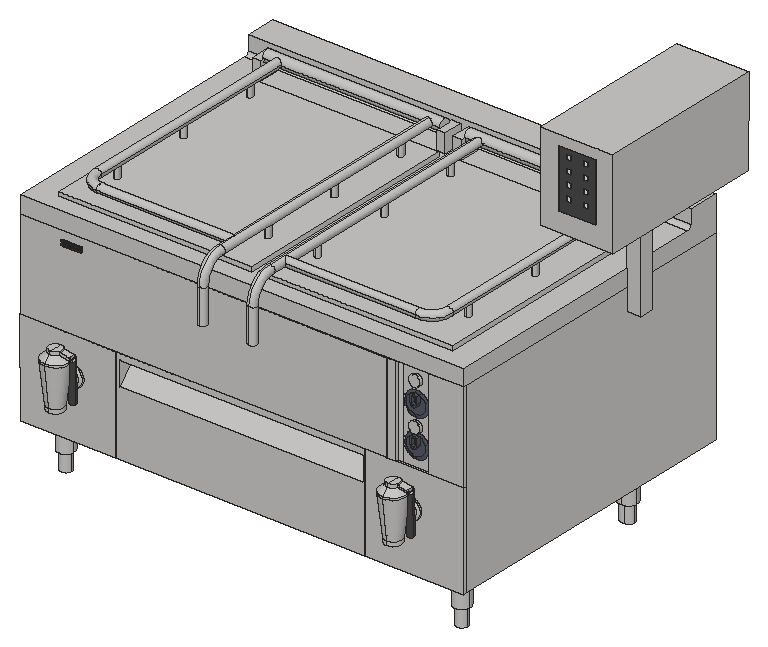
Revit family "QF_ZANUSSI_291163_CR42E", category Attrezzature speciali, Revit 2021 (continued)
Definition of nested family "ZANUSSI_Logo"
  Forms (mm)
    Extrusion 2, solid
      sketch origin (0, 0, 0) x (1, 0, 0) y (0, 1, 0)
        loop
          arc (9.441, -53.888) -> (9.424, -53.374) -> (9.441, -52.86) r 7.441
          arc (9.441, -52.86) -> (9.458, -52.374) -> (9.441, -51.889) r 7.03
          line (9.441, -51.889) -> (5.486, -51.889)
          arc (5.486, -51.889) -> (5.525, -54.662) -> (6.618, -57.21) r 7.131
          arc (6.618, -57.21) -> (11.782, -58.681) -> (16.132, -55.533) r 6.148
          arc (16.132, -55.533) -> (16.211, -52.281) -> (14.817, -49.343) r 7.021
          line (14.817, -49.343) -> (10.471, -45.432)
          arc (10.471, -45.432) -> (9.883, -44.693) -> (9.568, -43.803) r 2.858
          arc (9.568, -43.803) -> (10.687, -42.206) -> (12.283, -43.325) r 1.379
          line (12.283, -43.325) -> (12.283, -45.432)
        loop
          line (23.582, -45.432) -> (27.32, -45.432) -> (27.382, -43.67)
          arc (27.382, -43.67) -> (27.121, -41.707) -> (25.89, -40.156) r 3.719
          arc (25.89, -40.156) -> (22.271, -38.976) -> (18.653, -40.156) r 6.139
          arc (18.653, -40.156) -> (17.177, -43.021) -> (17.36, -46.238) r 6.125
          arc (17.36, -46.238) -> (18.572, -48.016) -> (20.06, -49.572) r 13.068
          line (20.06, -49.572) -> (21.73, -51.052)
          arc (21.73, -51.052) -> (22.717, -51.89) -> (23.484, -52.933) r 5.571
          arc (23.484, -52.933) -> (23.294, -54.755) -> (21.508, -55.162) r 1.573
          arc (21.508, -55.162) -> (20.97, -54.618) -> (20.74, -53.888) r 1.631
          arc (20.74, -53.888) -> (20.722, -53.374) -> (20.74, -52.86) r 7.441
          arc (20.74, -52.86) -> (20.756, -52.374) -> (20.74, -51.889) r 7.03
          line (20.74, -51.889) -> (16.785, -51.889)
          arc (16.785, -51.889) -> (16.823, -54.662) -> (17.916, -57.21) r 7.131
          arc (17.916, -57.21) -> (23.08, -58.681) -> (27.431, -55.533) r 6.148
          arc (27.431, -55.533) -> (27.51, -52.281) -> (26.115, -49.343) r 7.021
          line (26.115, -49.343) -> (21.769, -45.432)
          arc (21.769, -45.432) -> (21.181, -44.693) -> (20.866, -43.803) r 2.858
          arc (20.866, -43.803) -> (21.985, -42.206) -> (23.582, -43.325) r 1.379
          line (23.582, -43.325) -> (23.582, -45.432)
        loop
          line (28.143, -39.314) -> (28.143, -58.686) -> (32.108, -58.686) -> (32.108, -39.314) -> (28.143, -39.314)
      from 0 to 1.6
  Dimensions and locks
    aligned and locked: plane 2 to Extrusion 1
    aligned and locked: level to Extrusion 1
